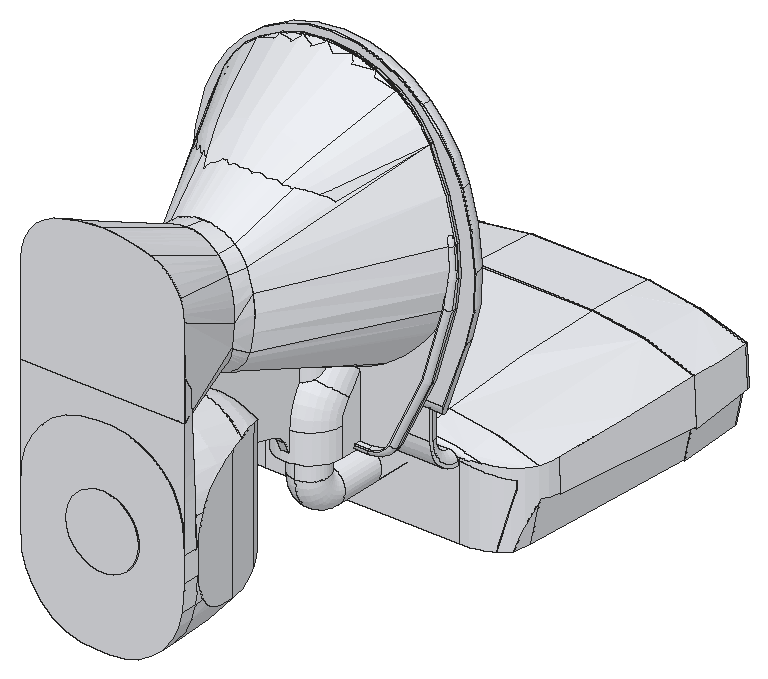
Revit family "WC-Caroma Slimline Concorde Connector Suite", category Plumbing Fixtures, host Face, Revit 2012
Parameters (values of type "Slimline Concorde")
  Waste Connection = yes
  Hardware = Metal-Chrome-Caroma
  Vent Connection = no
  URL = "www.caroma.com.au"
  Type Comments = "Concorde Slimline Cistern, Seat & Connector Plate Toilet Suite"  # constant formula
  PlumbingMaterial_ANZRS = Porcelain-White-Caroma
  Model = "233028"
  Manufacturer = "Caroma"  # constant formula
  HW Connection = no
  Description = "Concorde Slimline Plastic 4.5/3 litre Dual Flush Cistern, Seat and Connector Plate Toilet Suite"  # constant formula
  Default Elevation = 422.5 mm
  CreatedBy_ANZRS = "Design Content"  # constant formula
  CreatedByURL_ANZRS = "www.designcontent.com.au"
  CW Connection = yes
Reference planes
  plane 1 "Center (Elevation)": y = 0
  plane 2 "Back": z = 0
  plane 3 "Center (Left/Right)": x = 0
  plane 4 "Left": x = -225
  plane 5 "Right": x = 225
  plane 6 "Top": y = 422.5
  plane 7 "Bottom": y = -422.5
  plane 8 "Front": z = 625
  plane 9 "Center (Front/Back)": z = 312.5
  plane 10 "S Trap": z = 165
  plane 11 "Cistern": z = 143
  plane 12 "Seat": y = -22.5
  plane 13 "Inlet Depth": z = 22
Forms (mm)
  Extrusion 1, solid, material "Porcelain-White-Caroma" <- "PlumbingMaterial_ANZRS"
    sketch origin (0, 0, 0) x (1, 0, 0) y (0, 0, 1)
      loop
        circle (0, 165) r 50
    from 422.5 to 372.5
  Sweep 2, solid, material "Porcelain-White-Caroma" <- "PlumbingMaterial_ANZRS"
    path origin (0, 0, 0) x (0, 1, 0) y (0, 0, 1)
      loop
        line (-422.5, 17) -> (-400.611, 17)
        arc (-400.611, 17) -> (-340.33, 21.105) -> (-281.163, 33.343) r 444.69
        arc (-281.163, 33.343) -> (-186.398, 158.149) -> (-281.163, 282.956) r 129.568
        arc (-281.163, 282.956) -> (-340.33, 295.194) -> (-400.611, 299.299) r 444.69
        line (-400.611, 299.299) -> (-422.5, 299.299)
    profile origin (0, -422.5, 17) x (0, 0, 1) y (1, 0, 0)
      loop
        line (0, 9.47) -> (0, -9.47)
        arc (0, -9.47) -> (24.849, -76.141) -> (87.271, -110.285) r 101.865
        arc (87.271, -110.285) -> (105.524, -112.26) -> (123.872, -112.92) r 255.474
        line (123.872, -112.92) -> (125, -112.92) -> (125, 112.92) -> (123.872, 112.92)
        arc (123.872, 112.92) -> (105.524, 112.26) -> (87.271, 110.285) r 255.474
        arc (87.271, 110.285) -> (24.849, 76.141) -> (0, 9.47) r 101.865
  Extrusion 3, solid, material "Porcelain-White-Caroma" <- "PlumbingMaterial_ANZRS"
    sketch origin (0, 0, 0) x (0, 1, 0) y (0, 0, 1)
      loop
        arc (-400.611, 142) -> (-357.275, 144.951) -> (-314.739, 153.749) r 319.69
        arc (-314.739, 153.749) -> (-311.398, 158.149) -> (-314.739, 162.55) r 4.568
        arc (-314.739, 162.55) -> (-357.275, 171.348) -> (-400.611, 174.299) r 319.69
        line (-400.611, 174.299) -> (-422.5, 174.299) -> (-422.5, 142) -> (-400.611, 142)
    from 112.92 to -112.92
  Blend 4, solid, material "Porcelain-White-Caroma" <- "PlumbingMaterial_ANZRS"
    base sketch origin (0, 0, 0) x (1, 0, 0) y (0, 0, 1)
      loop
        line (-112.92, 461.34) -> (-112.92, 337.5) -> (-67.92, 337.5) -> (67.92, 337.5) -> (112.92, 337.5) -> (112.92, 461.34)
        arc (112.92, 461.34) -> (111.457, 475.577) -> (107.129, 489.219) r 70
        arc (107.129, 489.219) -> (90.814, 512.39) -> (66.65, 527.194) r 70
        arc (66.65, 527.194) -> (33.83, 535.904) -> (0, 538.837) r 196.606
        arc (0, 538.837) -> (-33.83, 535.904) -> (-66.65, 527.194) r 196.606
        arc (-66.65, 527.194) -> (-90.814, 512.39) -> (-107.129, 489.219) r 70
        arc (-107.129, 489.219) -> (-111.457, 475.577) -> (-112.92, 461.34) r 70
    top sketch origin (0, 0, 0) x (1, 0, 0) y (0, 0, 1)
      loop
        arc (-42.77, 456.954) -> (-50.086, 447.063) -> (-55.673, 436.102) r 74.418
        arc (-55.673, 436.102) -> (-63.444, 408.326) -> (-64.631, 379.509) r 124.805
        arc (-64.631, 379.509) -> (-63.36, 363.863) -> (-61.886, 348.236) r 1212.928
        arc (-61.886, 348.236) -> (-51.936, 321.81) -> (-30.185, 303.804) r 55
        arc (-30.185, 303.804) -> (0, 297.183) -> (30.185, 303.804) r 72.115
        arc (30.185, 303.804) -> (51.936, 321.81) -> (61.886, 348.236) r 55
        arc (61.886, 348.236) -> (63.36, 363.863) -> (64.631, 379.509) r 1212.928
        arc (64.631, 379.509) -> (63.444, 408.326) -> (55.673, 436.102) r 124.805
        arc (55.673, 436.102) -> (50.086, 447.063) -> (42.77, 456.954) r 74.418
        arc (42.77, 456.954) -> (23.479, 471.268) -> (0, 476.341) r 56.871
        arc (0, 476.341) -> (-23.479, 471.268) -> (-42.77, 456.954) r 56.871
    from 422.5 to 277.5
  Sweep 5, solid, material "Porcelain-White-Caroma" <- "PlumbingMaterial_ANZRS"
    path origin (0, 0, 0) x (1, 0, 0) y (0, 0, 1)
      loop
        arc (94.84, 571.251) -> (-0.02, 599.407) -> (-94.873, 571.229) r 173.806
        arc (-94.873, 571.229) -> (-121.036, 548.956) -> (-140.718, 520.792) r 134.806
        arc (-140.718, 520.792) -> (-163.365, 467.184) -> (-176.904, 410.585) r 353.301
        arc (-176.904, 410.585) -> (-179.44, 370.376) -> (-174.788, 330.357) r 225.733
        arc (-174.788, 330.357) -> (-145.009, 229.522) -> (-99.154, 134.909) r 641.269
        arc (-99.154, 134.909) -> (-83.753, 119.732) -> (-62.853, 114.186) r 42.156
        line (-62.853, 114.186) -> (62.853, 114.186)
        arc (62.853, 114.186) -> (83.753, 119.732) -> (99.154, 134.909) r 42.156
        arc (99.154, 134.909) -> (145.009, 229.522) -> (174.788, 330.357) r 641.269
        arc (174.788, 330.357) -> (179.44, 370.376) -> (176.904, 410.585) r 225.733
        arc (176.904, 410.585) -> (163.365, 467.184) -> (140.718, 520.792) r 353.301
        arc (140.718, 520.792) -> (121.023, 548.971) -> (94.84, 571.251) r 134.806
    profile origin (-0.02, 0, 599.407) x (0.000114, 0, -1) y (0, -1, 0)
      loop
        arc (0, 34.459) -> (2.038, 29.538) -> (6.959, 27.5) r 6.959
        line (6.959, 27.5) -> (8.959, 27.5) -> (8.959, 36.633) -> (0, 36.633) -> (0, 34.459)
  Extrusion 6, solid, material "Porcelain-White-Caroma" <- "PlumbingMaterial_ANZRS"
    sketch origin (0, 0, 0) x (1, 0, 0) y (0, 0, 1)
      loop
        arc (89.951, 563.743) -> (-0.019, 590.448) -> (-89.982, 563.723) r 164.846
        arc (-89.982, 563.723) -> (-114.406, 542.93) -> (-132.78, 516.638) r 125.846
        arc (-132.78, 516.638) -> (-154.853, 464.389) -> (-168.048, 409.225) r 344.341
        arc (-168.048, 409.225) -> (-170.484, 370.612) -> (-166.016, 332.181) r 216.774
        arc (-166.016, 332.181) -> (-136.654, 232.756) -> (-91.439, 139.464) r 632.31
        arc (-91.439, 139.464) -> (-79.311, 127.513) -> (-62.853, 123.146) r 33.197
        line (-62.853, 123.146) -> (62.853, 123.146)
        arc (62.853, 123.146) -> (79.311, 127.513) -> (91.439, 139.464) r 33.197
        arc (91.439, 139.464) -> (136.654, 232.756) -> (166.016, 332.181) r 632.31
        arc (166.016, 332.181) -> (170.484, 370.612) -> (168.048, 409.225) r 216.774
        arc (168.048, 409.225) -> (154.853, 464.389) -> (132.78, 516.638) r 344.341
        arc (132.78, 516.638) -> (114.394, 542.944) -> (89.951, 563.743) r 125.846
    from 36.633 to 27.5
  Sweep 7, solid, material "Porcelain-White-Caroma" <- "PlumbingMaterial_ANZRS"
    path origin (0, 0, 0) x (1, 0, 0) y (0, 0, 1)
      loop
        arc (-146.738, 437.686) -> (-166.664, 429.526) -> (-176.904, 410.585) r 31.988
        arc (-176.904, 410.585) -> (-179.44, 370.376) -> (-174.788, 330.357) r 225.733
        arc (-174.788, 330.357) -> (-145.009, 229.522) -> (-99.154, 134.909) r 641.269
        arc (-99.154, 134.909) -> (-83.753, 119.732) -> (-62.853, 114.186) r 42.156
        line (-62.853, 114.186) -> (62.853, 114.186)
        arc (62.853, 114.186) -> (83.753, 119.732) -> (99.154, 134.909) r 42.156
        arc (99.154, 134.909) -> (145.009, 229.522) -> (174.788, 330.357) r 641.269
        arc (174.788, 330.357) -> (179.44, 370.376) -> (176.904, 410.585) r 225.733
        arc (176.904, 410.585) -> (166.664, 429.526) -> (146.738, 437.686) r 31.988
    profile origin (179.44, 0, 370.376) x (-0.999652, 0, 0.026369) y (0, -1, 0)
      loop
        line (0, 38.807) -> (0, 36.633) -> (8.959, 36.633) -> (8.959, 45.766) -> (6.959, 45.766)
        arc (6.959, 45.766) -> (2.038, 43.728) -> (0, 38.807) r 6.959
  Sweep 8, solid, material "Porcelain-White-Caroma" <- "PlumbingMaterial_ANZRS"
    path origin (0, 0, 0) x (0, 1, 0) y (0, 0, 1)
      loop
        line (148.225, 54) -> (-37.5, 54)
        arc (-37.5, 54) -> (-58.713, 62.787) -> (-67.5, 84) r 30
        line (-67.5, 84) -> (-67.5, 326.921)
    profile origin (0, 55.362, 54) x (0, 0, -1) y (1, 0, 0)
      loop
        circle (0, 0) r 25
      loop
        circle (0, 0) r 22
  Sweep 9, solid, material "Porcelain-White-Caroma" <- "PlumbingMaterial_ANZRS"
    path origin (0, 0, 0) x (0, 1, 0) y (0, 0, 1)
      loop
        line (-109.5, 114.186) -> (-109.5, 153.872)
        arc (-109.5, 153.872) -> (-103.8, 185.39) -> (-87.424, 212.917) r 90
        line (-87.424, 212.917) -> (-66.558, 236.921)
    profile origin (0, -109.5, 134.029) x (0, -1, 0) y (1, 0, 0)
      loop
        line (-74, -44) -> (-44, -44)
        arc (-44, -44) -> (0, 0) -> (-44, 44) r 44
        line (-44, 44) -> (-74, 44) -> (-74, 41) -> (-44, 41)
        arc (-44, 41) -> (-3, 0) -> (-44, -41) r 41
        line (-44, -41) -> (-74, -41) -> (-74, -44)
  Extrusion 10, solid, material "Porcelain-White-Caroma" <- "PlumbingMaterial_ANZRS"
    sketch origin (0, 0, 0) x (0, 1, 0) y (0, 0, 1)
      loop
        line (-108.972, 126.236) -> (-45.766, 126.236) -> (-45.766, 273.766) -> (-105.571, 273.766) -> (-145.222, 324.517) -> (-223.57, 349.974) -> (-363.57, 349.974) -> (-363.57, 269.395) -> (-313.336, 254.991) -> (-225.297, 208.18) -> (-205.89, 124.119)
        arc (-205.89, 124.119) -> (-195.196, 136.241) -> (-188.718, 151.051) r 52.262
        arc (-188.718, 151.051) -> (-180.826, 161.859) -> (-167.691, 164.423) r 18.331
        arc (-167.691, 164.423) -> (-150.177, 160.564) -> (-132.986, 155.457) r 249.486
        arc (-132.986, 155.457) -> (-123.462, 150.024) -> (-116.696, 141.395) r 28.48
        line (-116.696, 141.395) -> (-108.972, 126.236)
    from 5.5 to -5.511
  Extrusion 11, void
    sketch origin (0, 0, 0) x (1, 0, 0) y (0, 1, 0)
      loop
        arc (-91.523, -313.273) -> (-81.733, -280.612) -> (-68.927, -249.011) r 363.737
        arc (-68.927, -249.011) -> (-40.697, -209.147) -> (0, -182.131) r 133.284
        arc (0, -182.131) -> (40.697, -209.147) -> (68.927, -249.011) r 133.284
        arc (68.927, -249.011) -> (81.733, -280.612) -> (91.523, -313.273) r 363.737
        line (91.523, -313.273) -> (122.461, -437.357) -> (182.461, -437.357) -> (182.461, -157.357) -> (-182.461, -157.357) -> (-182.461, -437.357) -> (-122.461, -437.357) -> (-91.523, -313.273)
    from 410.585 to 0
  Blend 12, solid, material "Porcelain-White-Caroma" <- "PlumbingMaterial_ANZRS"
    base sketch origin (0, 0, 0) x (1, 0, 0) y (0, 0, 1)
      loop
        arc (10.402, 291.906) -> (43.313, 302.839) -> (63.139, 331.292) r 55
        arc (63.139, 331.292) -> (69.585, 368.158) -> (67.474, 405.523) r 163.407
        arc (67.474, 405.523) -> (64.248, 420.15) -> (59.697, 434.42) r 163.407
        arc (59.697, 434.42) -> (53.067, 446.91) -> (43.378, 457.21) r 53.154
        arc (43.378, 457.21) -> (0, 472.617) -> (-43.378, 457.21) r 68.769
        arc (-43.378, 457.21) -> (-53.067, 446.91) -> (-59.697, 434.42) r 53.154
        arc (-59.697, 434.42) -> (-64.248, 420.15) -> (-67.474, 405.523) r 163.407
        arc (-67.474, 405.523) -> (-69.585, 368.158) -> (-63.139, 331.292) r 163.407
        arc (-63.139, 331.292) -> (-43.313, 302.839) -> (-10.402, 291.906) r 55
        line (-10.402, 291.906) -> (10.402, 291.906)
    top sketch origin (0, 0, 0) x (1, 0, 0) y (0, 0, 1)
      loop
        arc (94.84, 571.251) -> (-0.02, 599.407) -> (-94.873, 571.229) r 173.806
        arc (-94.873, 571.229) -> (-121.036, 548.956) -> (-140.718, 520.792) r 134.806
        arc (-140.718, 520.792) -> (-163.365, 467.184) -> (-176.904, 410.585) r 353.301
        arc (-176.904, 410.585) -> (-177.093, 367.207) -> (-164.624, 325.66) r 147.107
        arc (-164.624, 325.66) -> (-128.029, 270.751) -> (-76.983, 228.935) r 223.291
        arc (-76.983, 228.935) -> (-52.654, 218.547) -> (-26.439, 215) r 98.632
        line (-26.439, 215) -> (26.439, 215)
        arc (26.439, 215) -> (52.654, 218.547) -> (76.983, 228.935) r 98.632
        arc (76.983, 228.935) -> (128.029, 270.751) -> (164.624, 325.66) r 223.291
        arc (164.624, 325.66) -> (177.093, 367.207) -> (176.904, 410.585) r 147.107
        arc (176.904, 410.585) -> (163.365, 467.184) -> (140.718, 520.792) r 353.301
        arc (140.718, 520.792) -> (121.023, 548.971) -> (94.84, 571.251) r 134.806
    from 249.117 to 36.633
  Sweep 13, solid, material "Porcelain-White-Caroma" <- "PlumbingMaterial_ANZRS"
    path origin (0, 0, 0) x (1, 0, 0) y (0, 0, 1)
      loop
        arc (137.122, 330.326) -> (163.29, 425.099) -> (140.718, 520.792) r 198.299
        arc (140.718, 520.792) -> (121.023, 548.971) -> (94.84, 571.251) r 134.806
        arc (94.84, 571.251) -> (-0.02, 599.407) -> (-94.873, 571.229) r 173.806
        arc (-94.873, 571.229) -> (-121.036, 548.956) -> (-140.718, 520.792) r 134.806
        arc (-140.718, 520.792) -> (-163.29, 425.099) -> (-137.122, 330.326) r 198.299
    profile origin (-0.02, 0, 599.407) x (0.000114, 0, -1) y (0, -1, 0)
      loop
        line (130, 36.633) -> (130, 237.063)
        arc (130, 237.063) -> (54.857, 143.427) -> (0, 36.633) r 596.126
        line (0, 36.633) -> (130, 36.633)
  Blend 14, solid, material "Porcelain-White-Caroma" <- "PlumbingMaterial_ANZRS"
    base sketch origin (0, 0, 0) x (1, 0, 0) y (0, 0, 1)
      loop
        arc (0, 476.341) -> (-23.479, 471.268) -> (-42.77, 456.954) r 56.871
        arc (-42.77, 456.954) -> (-50.086, 447.063) -> (-55.673, 436.102) r 74.418
        arc (-55.673, 436.102) -> (-63.444, 408.326) -> (-64.631, 379.509) r 124.805
        arc (-64.631, 379.509) -> (-63.36, 363.863) -> (-61.886, 348.236) r 1212.928
        arc (-61.886, 348.236) -> (-51.936, 321.81) -> (-30.185, 303.804) r 55
        arc (-30.185, 303.804) -> (0, 297.183) -> (30.185, 303.804) r 72.115
        arc (30.185, 303.804) -> (51.936, 321.81) -> (61.886, 348.236) r 55
        arc (61.886, 348.236) -> (63.36, 363.863) -> (64.631, 379.509) r 1212.928
        arc (64.631, 379.509) -> (63.444, 408.326) -> (55.673, 436.102) r 124.805
        arc (55.673, 436.102) -> (50.086, 447.063) -> (42.77, 456.954) r 74.418
        arc (42.77, 456.954) -> (23.479, 471.268) -> (0, 476.341) r 56.871
    top sketch origin (0, 0, 0) x (1, 0, 0) y (0, 0, 1)
      loop
        arc (10.402, 291.906) -> (43.313, 302.839) -> (63.139, 331.292) r 55
        arc (63.139, 331.292) -> (69.585, 368.158) -> (67.474, 405.523) r 163.407
        arc (67.474, 405.523) -> (64.248, 420.15) -> (59.697, 434.42) r 163.407
        arc (59.697, 434.42) -> (53.067, 446.91) -> (43.378, 457.21) r 53.154
        arc (43.378, 457.21) -> (23.016, 468.651) -> (0, 472.617) r 68.769
        arc (0, 472.617) -> (-23.016, 468.651) -> (-43.378, 457.21) r 68.769
        arc (-43.378, 457.21) -> (-53.067, 446.91) -> (-59.697, 434.42) r 53.154
        arc (-59.697, 434.42) -> (-64.248, 420.15) -> (-67.474, 405.523) r 163.407
        arc (-67.474, 405.523) -> (-69.585, 368.158) -> (-63.139, 331.292) r 163.407
        arc (-63.139, 331.292) -> (-43.313, 302.839) -> (-10.402, 291.906) r 55
        line (-10.402, 291.906) -> (10.402, 291.906)
    from 277.5 to 249.117
  Extrusion 15, solid, material "Porcelain-White-Caroma" <- "PlumbingMaterial_ANZRS"
    sketch origin (0, 0, 0) x (1, 0, 0) y (0, 1, 0)
      loop
        arc (-13.11, -311.01) -> (-47.723, -335.975) -> (-71.641, -371.319) r 122.216
        arc (-71.641, -371.319) -> (-78.838, -381.141) -> (-89.449, -387.116) r 28.823
        arc (-89.449, -387.116) -> (-98.758, -393.168) -> (-103.5, -403.208) r 20.334
        line (-103.5, -403.208) -> (103.5, -403.208)
        arc (103.5, -403.208) -> (98.758, -393.168) -> (89.449, -387.116) r 20.334
        arc (89.449, -387.116) -> (78.838, -381.141) -> (71.641, -371.319) r 28.823
        arc (71.641, -371.319) -> (47.723, -335.975) -> (13.11, -311.01) r 122.216
        arc (13.11, -311.01) -> (6.724, -308.772) -> (0, -308.014) r 30.18
        arc (0, -308.014) -> (-6.724, -308.772) -> (-13.11, -311.01) r 30.18
    from 353.733 to 158.092
  Blend 16, solid, material "Porcelain-White-Caroma" <- "PlumbingMaterial_ANZRS"
    base sketch origin (0, 0, 0) x (1, 0, 0) y (0, 0, 1)
      loop
        line (112.92, 425.247) -> (-112.92, 425.247) -> (-112.92, 174.295) -> (112.92, 174.295) -> (112.92, 425.247)
    top sketch origin (0, 0, 0) x (1, 0, 0) y (0, 0, 1)
      loop
        line (112.92, 174.295) -> (104.157, 425.247) -> (-104.157, 425.247) -> (-112.92, 174.295) -> (112.92, 174.295)
    from 422.5 to 403.208
  Sweep 17, solid, material "Porcelain-White-Caroma" <- "PlumbingMaterial_ANZRS"
    path origin (0, 0, 0) x (1, 0, 0) y (0, 0, 1)
      loop
        line (193.6, -59.911) -> (215.918, 45.089) -> (223.056, 45.089) -> (220.835, 108.696)
        arc (220.835, 108.696) -> (152.339, 130.983) -> (81, 140.942) r 410.152
        arc (81, 140.942) -> (0, 143) -> (-81, 140.942) r 1595.406
        arc (-81, 140.942) -> (-152.339, 130.983) -> (-220.835, 108.696) r 410.152
        line (-220.835, 108.696) -> (-223.056, 45.089) -> (-215.918, 45.089) -> (-193.6, -59.911)
    profile origin (0, 0, 143) x (0, 0, -1) y (0, -1, 0)
      loop
        line (31.239, -416.725) -> (31.239, -24.453) -> (28.052, -24.453)
        arc (28.052, -24.453) -> (23.877, -25.913) -> (21.523, -29.657) r 6.698
        arc (21.523, -29.657) -> (17.226, -51.055) -> (14.081, -72.653) r 407.875
        arc (14.081, -72.653) -> (3.596, -195.314) -> (1.125, -318.398) r 1888.433
        line (1.125, -318.398) -> (-0.451, -318.398)
        arc (-0.451, -318.398) -> (1.202, -365.533) -> (4.903, -412.551) r 1084.732
        arc (4.903, -412.551) -> (6.406, -415.527) -> (9.517, -416.725) r 4.638
        line (9.517, -416.725) -> (31.239, -416.725)
  Extrusion 18, solid, material "Porcelain-White-Caroma" <- "PlumbingMaterial_ANZRS"
    sketch origin (0, 0, 0) x (1, 0, 0) y (0, 0, 1)
      loop
        line (163.044, -53.416) -> (190.695, 76.675) -> (190.329, 87.178)
        arc (190.329, 87.178) -> (135.718, 102.626) -> (79.414, 109.744) r 378.913
        arc (79.414, 109.744) -> (0, 111.761) -> (-79.414, 109.744) r 1564.167
        arc (-79.414, 109.744) -> (-135.718, 102.626) -> (-190.329, 87.178) r 378.913
        line (-190.329, 87.178) -> (-190.695, 76.675) -> (-163.044, -53.416) -> (163.044, -53.416)
    from -24.453 to -416.725
  Extrusion 19, void
    sketch origin (0, 0, 0) x (1, 0, 0) y (0, 1, 0)
      loop
        line (-209.373, 100.341) -> (-261.822, 100.341) -> (-261.822, 0) -> (-133.485, 0) -> (-133.485, 24.453)
        arc (-133.485, 24.453) -> (-187.146, 46.68) -> (-209.373, 100.341) r 75.888
      loop
        arc (209.373, 100.341) -> (187.146, 46.68) -> (133.485, 24.453) r 75.888
        line (133.485, 24.453) -> (133.485, 0) -> (261.822, 0) -> (261.822, 100.341) -> (209.373, 100.341)
    from 200 to -67.881
  Extrusion 20, void
    sketch origin (0, 0, 0) x (0, 1, 0) y (0, 0, 1)
      loop
        line (467.684, 0) -> (-122.316, 0) -> (-122.316, -105) -> (467.684, -105) -> (467.684, 0)
    from 250 to -250
  Sweep 21, solid, material "Porcelain-White-Caroma" <- "PlumbingMaterial_ANZRS"
    path origin (0, 0, 0) x (0, 1, 0) y (0, 0, 1)
      loop
        line (-5.5, 197.099) -> (-5.5, 144.985)
        arc (-5.5, 144.985) -> (4.22, 121.519) -> (27.686, 111.799) r 33.186
        line (27.686, 111.799) -> (49.5, 111.799)
    profile origin (0, -5.5, 171.042) x (1, 0, 0) y (0, 1, 0)
      loop
        line (0, 0) -> (-118, 0)
        arc (-118, 0) -> (-126.485, -3.515) -> (-130, -12) r 12
        line (-130, -12) -> (-130, -17) -> (0, -17) -> (130, -17) -> (130, -12)
        arc (130, -12) -> (126.485, -3.515) -> (118, 0) r 12
        line (118, 0) -> (0, 0)
  Sweep 22, solid, material "Porcelain-White-Caroma" <- "PlumbingMaterial_ANZRS"
    path origin (0, 0, 0) x (1, 0, 0) y (0, 0, 1)
      loop
        line (132.179, 143.187) -> (181.743, 284.762)
        arc (181.743, 284.762) -> (192.728, 329.836) -> (194.754, 376.186) r 237.817
        arc (194.754, 376.186) -> (188.699, 425.526) -> (176.003, 473.587) r 365.399
        arc (176.003, 473.587) -> (154.057, 519.14) -> (121.707, 558.001) r 206.683
        arc (121.707, 558.001) -> (0, 606.186) -> (-121.707, 558.001) r 177.798
        arc (-121.707, 558.001) -> (-154.057, 519.14) -> (-176.003, 473.587) r 206.683
        arc (-176.003, 473.587) -> (-188.699, 425.526) -> (-194.754, 376.186) r 365.399
        arc (-194.754, 376.186) -> (-192.728, 329.836) -> (-181.743, 284.762) r 237.817
        line (-181.743, 284.762) -> (-132.113, 143)
    profile origin (0, 0, 606.186) x (0, 0, -1) y (0, -1, 0)
      loop
        line (0, 26.5) -> (0, 24.5)
        arc (0, 24.5) -> (8.787, 3.287) -> (30, -5.5) r 30
        line (30, -5.5) -> (42.02, -5.5) -> (42.02, 26.5) -> (0, 26.5)
  Extrusion 23, solid, material "Porcelain-White-Caroma" <- "PlumbingMaterial_ANZRS"
    sketch origin (0, 0, 0) x (1, 0, 0) y (0, 0, 1)
      loop
        arc (142.083, 298.646) -> (151.128, 335.757) -> (152.795, 373.917) r 195.798
        arc (152.795, 373.917) -> (147.437, 417.583) -> (136.201, 460.117) r 323.379
        arc (136.201, 460.117) -> (118.717, 496.409) -> (92.944, 527.369) r 164.664
        arc (92.944, 527.369) -> (0, 564.167) -> (-92.944, 527.369) r 135.779
        arc (-92.944, 527.369) -> (-118.717, 496.409) -> (-136.201, 460.117) r 164.664
        arc (-136.201, 460.117) -> (-147.437, 417.583) -> (-152.795, 373.917) r 323.379
        arc (-152.795, 373.917) -> (-151.128, 335.757) -> (-142.083, 298.646) r 195.798
        line (-142.083, 298.646) -> (-100.547, 180) -> (100.547, 180) -> (142.083, 298.646)
    from 26.5 to -5.5
  Extrusion 24, void
    sketch origin (0, 0, 0) x (0, 1, 0) y (0, 0, 1)
      loop
        line (-26.5, 197.534) -> (-33.633, 197.534) -> (-33.633, 132.534) -> (14.85, 132.534) -> (14.85, 197.534) -> (5.5, 197.534)
        arc (5.5, 197.534) -> (-10.5, 181.534) -> (-26.5, 197.534) r 16
    from 225 to -225
  Extrusion 25, void
    sketch origin (0, 0, 0) x (1, 0, 0) y (0, 0, 1)
      loop
        line (-38.5, 58.635) -> (38.5, 58.635)
        arc (38.5, 58.635) -> (49.107, 63.028) -> (53.5, 73.635) r 15
        line (53.5, 73.635) -> (53.5, 78.716)
        arc (53.5, 78.716) -> (49.107, 89.323) -> (38.5, 93.716) r 15
        line (38.5, 93.716) -> (-38.5, 93.716)
        arc (-38.5, 93.716) -> (-49.107, 89.323) -> (-53.5, 78.716) r 15
        line (-53.5, 78.716) -> (-53.5, 73.635)
        arc (-53.5, 73.635) -> (-49.107, 63.028) -> (-38.5, 58.635) r 15
    from -412.5 to -422.5
  Extrusion 26, solid, material "Porcelain-White-Caroma" <- "PlumbingMaterial_ANZRS"
    sketch origin (0, 0, 0) x (1, 0, 0) y (0, 0, 1)
      loop
        line (-38.5, 61.135) -> (-7.118, 61.135)
        arc (-7.118, 61.135) -> (-6.274, 61.598) -> (-6.211, 62.558) r 1
        line (-6.211, 62.558) -> (-19.036, 90.061)
        arc (-19.036, 90.061) -> (-19.775, 90.903) -> (-20.849, 91.216) r 2
        line (-20.849, 91.216) -> (-38.5, 91.216)
        arc (-38.5, 91.216) -> (-47.339, 87.555) -> (-51, 78.716) r 12.5
        line (-51, 78.716) -> (-51, 73.635)
        arc (-51, 73.635) -> (-47.339, 64.796) -> (-38.5, 61.135) r 12.5
      loop
        line (51, 73.635) -> (51, 78.716)
        arc (51, 78.716) -> (47.339, 87.555) -> (38.5, 91.216) r 12.5
        line (38.5, 91.216) -> (-15.137, 91.216)
        arc (-15.137, 91.216) -> (-15.98, 90.753) -> (-16.043, 89.793) r 1
        line (-16.043, 89.793) -> (-3.218, 62.29)
        arc (-3.218, 62.29) -> (-2.48, 61.448) -> (-1.405, 61.135) r 2
        line (-1.405, 61.135) -> (38.5, 61.135)
        arc (38.5, 61.135) -> (47.339, 64.796) -> (51, 73.635) r 12.5
    from -412.5 to -416.725
  Extrusion 27, solid, material "Porcelain-White-Caroma" <- "PlumbingMaterial_ANZRS"
    sketch origin (0, 0, 0) x (1, 0, 0) y (0, 0, 1)
      loop
        circle (-110, 50) r 10
    from -24.453 to -34.453
Cuts and joins
  Extrusion 11 cuts Sweep 2
  Extrusion 11 cuts Extrusion 3
  joined: Sweep 2, Extrusion 3
  Extrusion 19, Extrusion 20 cuts Sweep 17
  Extrusion 19, Extrusion 20, Extrusion 25 cuts Extrusion 18
  Extrusion 24 cuts Sweep 22
  Extrusion 24 cuts Extrusion 23
  joined: Sweep 22, Extrusion 23
  joined: Sweep 5, Sweep 7
Lines and regions (mm)
  Masking region 1
    outline origin (0, 0, 0) x (1, 0, 0) y (0, 1, 0)
      loop
        line (-110, -422.5) -> (110, -422.5)
        arc (110, -422.5) -> (92.369, -334.896) -> (63.417, -250.354) r 680.934
        arc (63.417, -250.354) -> (124.731, -151.141) -> (170.941, -44.057) r 798.68
        arc (170.941, -44.057) -> (173.676, -33.431) -> (174.629, -22.5) r 66.626
        line (174.629, -22.5) -> (190.065, -22.5) -> (190.065, -12.5)
        arc (190.065, -12.5) -> (186.933, -4.184) -> (179.092, 0) r 12.606
        line (179.092, 0) -> (129.901, 0) -> (140.525, 25.03)
        arc (140.525, 25.03) -> (187.406, 44.931) -> (208.391, 91.336) r 70
        line (208.391, 91.336) -> (220, 312.841) -> (225, 312.841) -> (225, 332.978)
        arc (225, 332.978) -> (211.799, 372.741) -> (177.438, 396.714) r 66.486
        arc (177.438, 396.714) -> (89.651, 416.02) -> (0, 422.5) r 623.38
        arc (0, 422.5) -> (-89.651, 416.02) -> (-177.438, 396.714) r 623.38
        arc (-177.438, 396.714) -> (-211.799, 372.741) -> (-225, 332.978) r 66.486
        line (-225, 332.978) -> (-225, 312.841) -> (-220, 312.841) -> (-208.391, 91.336)
        arc (-208.391, 91.336) -> (-187.406, 44.931) -> (-140.525, 25.03) r 70
        line (-140.525, 25.03) -> (-129.901, 0) -> (-179.092, 0)
        arc (-179.092, 0) -> (-186.933, -4.184) -> (-190.065, -12.5) r 12.606
        line (-190.065, -12.5) -> (-190.065, -22.5) -> (-174.629, -22.5)
        arc (-174.629, -22.5) -> (-173.676, -33.431) -> (-170.941, -44.057) r 66.626
        arc (-170.941, -44.057) -> (-124.731, -151.141) -> (-63.417, -250.354) r 798.68
        arc (-63.417, -250.354) -> (-92.369, -334.896) -> (-110, -422.5) r 680.934
  Masking region 2
    outline origin (0, 0, 0) x (0, 1, 0) y (0, 0, 1)
      loop
        line (-422.5, 560) -> (-422.5, 47.025)
        arc (-422.5, 47.025) -> (-350.034, 50.012) -> (-279.212, 65.646) r 412.482
        arc (-279.212, 65.646) -> (-231.836, 92.89) -> (-200.273, 137.504) r 127.15
        arc (-200.273, 137.504) -> (-194.676, 157.571) -> (-194.307, 178.401) r 82.152
        arc (-194.307, 178.401) -> (-191.533, 187.932) -> (-182.831, 192.709) r 12.97
        arc (-182.831, 192.709) -> (-171.991, 193.138) -> (-161.196, 192.054) r 77.717
        arc (-161.196, 192.054) -> (-143.397, 186.747) -> (-127.365, 177.367) r 77.717
        arc (-127.365, 177.367) -> (-119.947, 168.79) -> (-116.641, 157.943) r 27.379
        line (-116.641, 157.943) -> (-115.333, 143) -> (-112.055, 143) -> (-112.055, 89.032)
        arc (-112.055, 89.032) -> (-97.41, 53.677) -> (-62.055, 39.032) r 50
        line (-62.055, 39.032) -> (-14.036, 39.032) -> (-14.036, 31.61) -> (-9.385, 31.61) -> (-9.385, 16.61) -> (14.31, 16.61) -> (14.31, 0) -> (399.31, 0)
        arc (399.31, 0) -> (402.77, 22.244) -> (404.794, 44.665) r 349.927
        arc (404.794, 44.665) -> (409.923, 47.67) -> (411.944, 53.26) r 8.741
        line (411.944, 53.26) -> (411.944, 108.26)
        arc (411.944, 108.26) -> (382.524, 135.222) -> (343.832, 144.989) r 81.519
        line (343.832, 144.989) -> (318.832, 144.989) -> (303.652, 144.989) -> (303.652, 142.23) -> (248.652, 142.23)
        arc (248.652, 142.23) -> (125.353, 135.272) -> (3.62, 114.486) r 1095.906
        arc (3.62, 114.486) -> (-9.367, 125.892) -> (-14.2, 142.487) r 30.91
        line (-14.2, 142.487) -> (-14.2, 179.214) -> (-11.321, 179.214) -> (-11.321, 226.208)
        arc (-11.321, 226.208) -> (-5.313, 235.083) -> (-3.403, 245.628) r 25.951
        line (-3.403, 245.628) -> (-14.266, 622.732)
        arc (-14.266, 622.732) -> (-22.98, 632.485) -> (-35.333, 636.782) r 26.088
        line (-35.333, 636.782) -> (-35.333, 618.005) -> (-50.962, 618.005)
        arc (-50.962, 618.005) -> (-144.14, 570.958) -> (-225.629, 505.727) r 504.007
        arc (-225.629, 505.727) -> (-247.346, 494.71) -> (-271.427, 498.328) r 40
        arc (-271.427, 498.328) -> (-345.871, 531.841) -> (-422.5, 560) r 1152.527
      loop
        line (-35.333, 143) -> (-62.055, 143) -> (-62.055, 94.032)
        arc (-62.055, 94.032) -> (-60.591, 90.497) -> (-57.055, 89.032) r 5
        line (-57.055, 89.032) -> (-14.036, 89.032) -> (-14.036, 96.454) -> (-9.385, 96.454) -> (-9.385, 111.454)
        arc (-9.385, 111.454) -> (-23.129, 124.342) -> (-28.2, 142.487) r 35
        line (-28.2, 142.487) -> (-28.2, 179.214) -> (-35.333, 179.214) -> (-35.333, 143)
  Masking region 3
    outline origin (0, 0, 0) x (1, 0, 0) y (0, 0, 1)
      loop
        arc (209.834, 114.44) -> (157.088, 127.124) -> (103.592, 136.136) r 785.107
        line (103.592, 136.136) -> (103.592, 186.136) -> (61.394, 186.136)
        arc (61.394, 186.136) -> (79.167, 190.599) -> (92.724, 202.929) r 37.623
        arc (92.724, 202.929) -> (122.667, 252.608) -> (148.094, 304.743) r 654.662
        arc (148.094, 304.743) -> (168.298, 372.69) -> (171.711, 443.494) r 295.011
        arc (171.711, 443.494) -> (160.668, 501.62) -> (136.613, 555.676) r 256.759
        arc (136.613, 555.676) -> (118.229, 579.565) -> (94.627, 598.318) r 124.113
        arc (94.627, 598.318) -> (49.159, 618.202) -> (0, 625) r 181.138
        arc (0, 625) -> (-49.159, 618.202) -> (-94.627, 598.318) r 181.138
        arc (-94.627, 598.318) -> (-118.229, 579.565) -> (-136.613, 555.676) r 124.113
        arc (-136.613, 555.676) -> (-160.668, 501.62) -> (-171.711, 443.494) r 256.759
        arc (-171.711, 443.494) -> (-168.298, 372.69) -> (-148.094, 304.743) r 295.011
        arc (-148.094, 304.743) -> (-122.667, 252.608) -> (-92.724, 202.929) r 654.662
        arc (-92.724, 202.929) -> (-79.167, 190.599) -> (-61.394, 186.136) r 37.623
        line (-61.394, 186.136) -> (-103.592, 186.136) -> (-103.592, 136.136)
        arc (-103.592, 136.136) -> (-157.088, 127.124) -> (-209.834, 114.44) r 785.107
        arc (-209.834, 114.44) -> (-215.747, 110.544) -> (-218.27, 103.928) r 11.535
        line (-218.27, 103.928) -> (-220.986, 52.106) -> (-212.458, 47.842) -> (-203.972, 7.921)
        arc (-203.972, 7.921) -> (-200.484, 2.229) -> (-194.191, 0) r 10
        line (-194.191, 0) -> (0, 0) -> (194.191, 0)
        arc (194.191, 0) -> (200.484, 2.229) -> (203.972, 7.921) r 10
        line (203.972, 7.921) -> (212.458, 47.842) -> (220.986, 52.106) -> (218.27, 103.928)
        arc (218.27, 103.928) -> (215.747, 110.544) -> (209.834, 114.44) r 11.535
  symbolic lines
    curve 1: arc (-62.683, -283.366, 0) -> (-79.595, -343.116, 0) -> (-106.456, -399.104, 0) r 362.555
    curve 2: arc (-170.941, -44.057, 0) -> (-128.258, -144.293, 0) -> (-72.332, -237.788, 0) r 798.68
    curve 3: arc (-72.332, -237.788, 0) -> (-62.903, -259.602, 0) -> (-62.683, -283.366, 0) r 60
    curve 4: arc (62.683, -283.366, 0) -> (79.595, -343.116, 0) -> (106.456, -399.104, 0) r 362.555
    curve 5: arc (170.941, -44.057, 0) -> (128.258, -144.293, 0) -> (72.332, -237.788, 0) r 798.68
    curve 6: arc (72.332, -237.788, 0) -> (62.903, -259.602, 0) -> (62.683, -283.366, 0) r 60
    curve 7: arc (-208.391, 91.336, 0) -> (-187.406, 44.931, 0) -> (-140.525, 25.03, 0) r 70
    curve 8: line (-140.525, 25.03, 0) -> (140.525, 25.03, 0)
    curve 9: line (-129.901, 0, 0) -> (129.901, 0, 0)
    curve 10: line (-190.065, -12.5, 0) -> (190.065, -12.5, 0)
    curve 11: line (-174.629, -22.5, 0) -> (174.629, -22.5, 0)
    curve 12: line (-220, 312.841, 0) -> (220, 312.841, 0)
    curve 13: arc (0, -309.374, 327.904) -> (0, -260.037, 318.566) -> (0, -213.248, 300.34) r 272.68
    curve 14: arc (0, -213.248, 300.34) -> (0, -163.429, 275.893) -> (0, -113.251, 252.191) r 3719.573
    curve 15: arc (0, -113.251, 252.191) -> (0, -102.475, 251.748) -> (0, -94.541, 259.054) r 14.092
    curve 16: arc (0, -310.176, 319.477) -> (0, -313.988, 324.091) -> (0, -309.374, 327.904) r 4.232
    curve 17: arc (0, -194.307, 178.401) -> (0, -222.902, 273.036) -> (0, -310.176, 319.477) r 128.71
    curve 18: line (0, -116.641, 157.943) -> (0, -116.641, 206.581)
    curve 19: arc (0, -116.641, 206.581) -> (0, -115.604, 213.646) -> (0, -112.58, 220.114) r 24.582
    curve 20: line (0, 303.652, 142.23) -> (0, 303.652, 0)
    curve 21: line (0, 404.794, 44.665) -> (0, 19.794, 44.665)
    curve 22: line (0, 14.31, 0) -> (0, 14.31, 116.882)
    curve 23: line (0, -9.385, 31.61) -> (0, 14.31, 31.61)
    curve 24: line (0, -9.385, 96.454) -> (0, 14.31, 96.454)
    curve 25: arc (0, -9.385, 111.454) -> (0, 2.845, 106.496) -> (0, 12.965, 98.025) r 42.496
    curve 26: line (0, -62.055, 143) -> (0, -112.055, 143)
    curve 27: line (0, -14.036, 89.032) -> (0, -14.036, 39.032)
    curve 28: line (0, -11.321, 179.214) -> (0, -35.333, 179.214)
    curve 29: arc (0, -11.321, 226.208) -> (0, -5.313, 235.083) -> (0, -3.403, 245.628) r 25.951
    curve 30: arc (0, -21.491, 225.214) -> (0, -16.233, 223.94) -> (0, -11.321, 226.208) r 8.226
    curve 31: arc (0, -35.333, 231.626) -> (0, -28.189, 228.901) -> (0, -21.491, 225.214) r 55.096
    curve 32: line (0, -14.304, 233.369) -> (0, -18.974, 623.399)
    curve 33: line (0, -35.333, 143) -> (0, -35.333, 636.782)
    curve 34: arc (0, -35.333, 412.5) -> (0, -27.939, 331.353) -> (0, -35.333, 250.206) r 448.963
    curve 35: arc (209.834, 0, 114.44) -> (54.218, 0, 141.126) -> (-103.592, 0, 136.136) r 785.107
    curve 36: line (61.394, 0, 186.136) -> (-61.394, 0, 186.136)
    curve 37: arc (93.368, 0, 564.3) -> (49.98, 0, 590.771) -> (0, 0, 600) r 139.945
    curve 38: arc (142.029, 0, 461.319) -> (128.108, 0, 517.728) -> (93.368, 0, 564.3) r 146.606
    curve 39: arc (114.115, 0, 358.715) -> (136.039, 0, 407.85) -> (142.029, 0, 461.319) r 175.32
    curve 40: arc (59.418, 0, 319.107) -> (90.476, 0, 333.789) -> (114.115, 0, 358.715) r 93.299
    curve 41: arc (2.458, 0, 309.3) -> (31.149, 0, 312.979) -> (59.418, 0, 319.107) r 336.794
    curve 42: arc (-93.368, 0, 564.3) -> (-49.98, 0, 590.771) -> (0, 0, 600) r 139.945
    curve 43: arc (-142.029, 0, 461.319) -> (-128.108, 0, 517.728) -> (-93.368, 0, 564.3) r 146.606
    curve 44: arc (-114.115, 0, 358.715) -> (-136.039, 0, 407.85) -> (-142.029, 0, 461.319) r 175.32
    curve 45: arc (-59.418, 0, 319.107) -> (-90.476, 0, 333.789) -> (-114.115, 0, 358.715) r 93.299
    curve 46: arc (-2.458, 0, 309.3) -> (-31.149, 0, 312.979) -> (-59.418, 0, 319.107) r 336.794
    curve 47: line (57.909, 0, 443.967) -> (57.909, 0, 413.967)
    curve 48: line (-57.909, 0, 443.967) -> (-57.909, 0, 413.967)
    curve 49: arc (57.909, 0, 443.967) -> (0, 0, 501.876) -> (-57.909, 0, 443.967) r 57.909
    curve 50: arc (57.909, 0, 413.967) -> (55.8, 0, 394.559) -> (49.57, 0, 376.058) r 90.336
    curve 51: arc (49.57, 0, 376.058) -> (0, 0, 363.623) -> (-49.57, 0, 376.058) r 105.025
    curve 52: arc (-57.909, 0, 413.967) -> (-55.8, 0, 394.559) -> (-49.57, 0, 376.058) r 90.336
    curve 53: arc (38.5, 0, 58.635) -> (49.107, 0, 63.028) -> (53.5, 0, 73.635) r 15
    curve 54: line (53.5, 0, 73.635) -> (53.5, 0, 78.716)
    curve 55: arc (53.5, 0, 78.716) -> (49.107, 0, 89.323) -> (38.5, 0, 93.716) r 15
    curve 56: line (38.5, 0, 93.716) -> (-38.5, 0, 93.716)
    curve 57: arc (-38.5, 0, 93.716) -> (-49.107, 0, 89.323) -> (-53.5, 0, 78.716) r 15
    curve 58: line (-53.5, 0, 78.716) -> (-53.5, 0, 73.635)
    curve 59: arc (-53.5, 0, 73.635) -> (-49.107, 0, 63.028) -> (-38.5, 0, 58.635) r 15
    curve 60: line (-38.5, 0, 58.635) -> (38.5, 0, 58.635)
    curve 61: line (-19.306, 0, 93.716) -> (-2.948, 0, 58.635)
Dimensions and locks
  equal spacing: plane 4 "Left", plane 3 "Center (Left/Right)", plane 5 "Right"
  plane 4 "Left" to plane 5 "Right" = 450 mm
  equal spacing: plane 7 "Bottom", plane 1 "Center (Elevation)", plane 6 "Top"
  plane 7 "Bottom" to plane 6 "Top" = 845 mm
  level to plane 8 "Front" = 625 mm
  equal spacing: level, plane 9 "Center (Front/Back)", plane 8 "Front"
  plane 12 "Seat" to plane 7 "Bottom" = 400 mm
  level to plane 11 "Cistern" = 143 mm
  aligned and locked: plane 2 "Back" to host face
  aligned and locked: level to host face
Automatic sketch dimensions
  host sketch curve to host sketch curve = 2438.4 mm  (x2)
  Extrusion 1 sketch curve to plane 3 "Center (Left/Right)" = 0 mm
  Extrusion 1 sketch curve to plane 10 "S Trap" = 0 mm
  Sweep 2 sketch curve to plane 7 "Bottom" = 0 mm  (x2)
  Sweep 2 sketch curve to plane 13 "Inlet Depth" = 5 mm
  Sweep 2 sketch curve to plane 7 "Bottom" = 21.889 mm
  plane 9 "Center (Front/Back)" to Sweep 2 sketch curve = 13.201 mm
  Sweep 2 sketch curve to Sweep 2 sketch curve = 21.889 mm
  Sweep 2 sketch curve to plane 10 "S Trap" = 6.851 mm
  Sweep 2 sketch curve to plane 7 "Bottom" = 106.534 mm
  Sweep 2 sketch curve to Sweep 2 sketch curve = 0 mm  (x6)
  plane 9 "Center (Front/Back)" to Sweep 2 sketch curve = 29.544 mm
  Sweep 2 sketch curve to profile plane = 0 mm
  Sweep 2 sketch curve to profile plane = 87.271 mm  (x2)
  plane 3 "Center (Left/Right)" to Sweep 2 sketch curve = 9.47 mm
  Sweep 2 sketch curve to plane 3 "Center (Left/Right)" = 9.47 mm
  Sweep 2 sketch curve to Sweep 2 sketch curve = 36.601 mm
  Sweep 2 sketch curve to Sweep 2 sketch curve = 23.135 mm
  Sweep 2 sketch curve to Sweep 2 sketch curve = 1.128 mm
  Extrusion 3 sketch curve to plane 7 "Bottom" = 0 mm
  Extrusion 3 sketch curve to plane 11 "Cistern" = 1 mm
  Extrusion 3 sketch curve to plane 7 "Bottom" = 21.889 mm  (x2)
  Extrusion 3 sketch curve to plane 10 "S Trap" = 6.851 mm
  Extrusion 3 sketch curve to Extrusion 3 sketch curve = 84.645 mm
  Extrusion 3 sketch curve to Extrusion 3 sketch curve = 1.227 mm  (x2)
  Extrusion 3 sketch curve to Extrusion 3 sketch curve = 0 mm
  Extrusion 3 sketch curve to plane 10 "S Trap" = 2.45 mm
  Blend 4 sketch curve to Blend 4 sketch curve = 0 mm  (x18)
  Blend 4 sketch curve to plane 3 "Center (Left/Right)" = 0 mm  (x5)
  Blend 4 sketch curve to plane 3 "Center (Left/Right)" = 42.92 mm
  Blend 4 sketch curve to plane 3 "Center (Left/Right)" = 66.65 mm
  Blend 4 sketch curve to Blend 4 sketch curve = 40.478 mm  (x2)
  Blend 4 sketch curve to Blend 4 sketch curve = 5.791 mm  (x2)
  plane 3 "Center (Left/Right)" to Blend 4 sketch curve = 0 mm
  plane 3 "Center (Left/Right)" to Blend 4 sketch curve = 42.92 mm
  plane 3 "Center (Left/Right)" to Blend 4 sketch curve = 66.65 mm
  plane 3 "Center (Left/Right)" to Blend 4 sketch curve = 67.92 mm
  Blend 4 sketch curve to plane 9 "Center (Front/Back)" = 29.73 mm
  Blend 4 sketch curve to Blend 4 sketch curve = 45 mm
  Blend 4 sketch curve to plane 9 "Center (Front/Back)" = 25 mm
  Sweep 5 sketch curve to plane 4 "Left" = 48.096 mm
  Sweep 5 sketch curve to Sweep 5 sketch curve = 0 mm  (x8)
  Sweep 5 sketch curve to plane 9 "Center (Front/Back)" = 17.857 mm
  Sweep 5 sketch curve to plane 4 "Left" = 50.212 mm
  Sweep 5 sketch curve to Sweep 5 sketch curve = 2.483 mm  (x2)
  Sweep 5 sketch curve to plane 4 "Left" = 84.282 mm
  Sweep 5 sketch curve to plane 11 "Cistern" = 8.091 mm  (x2)
  plane 8 "Front" to Sweep 5 sketch curve = 53.771 mm
  Sweep 5 sketch curve to Sweep 5 sketch curve = 45.845 mm
  Sweep 5 sketch curve to plane 11 "Cistern" = 28.814 mm
  Sweep 5 sketch curve to Sweep 5 sketch curve = 36.301 mm  (x2)
  Sweep 5 sketch curve to plane 3 "Center (Left/Right)" = 46.215 mm
  Sweep 5 sketch curve to plane 3 "Center (Left/Right)" = 21.281 mm
  Sweep 5 sketch curve to plane 3 "Center (Left/Right)" = 62.853 mm
  plane 3 "Center (Left/Right)" to Sweep 5 sketch curve = 21.281 mm
  plane 3 "Center (Left/Right)" to Sweep 5 sketch curve = 46.215 mm
  plane 3 "Center (Left/Right)" to Sweep 5 sketch curve = 62.853 mm
  plane 8 "Front" to Sweep 5 sketch curve = 53.749 mm
  plane 3 "Center (Left/Right)" to Sweep 5 sketch curve = 94.84 mm
  Sweep 5 sketch curve to Sweep 5 sketch curve = 45.879 mm
  Sweep 5 sketch curve to plane 5 "Right" = 48.096 mm
  plane 3 "Center (Left/Right)" to Sweep 5 sketch curve = 0 mm
  Sweep 5 sketch curve to profile plane = 0 mm
  Sweep 5 sketch curve to profile plane = 6.959 mm
  Sweep 5 sketch curve to Sweep 5 sketch curve = 2 mm
  plane 1 "Center (Elevation)" to Sweep 5 sketch curve = 27.5 mm
  Sweep 5 sketch curve to Sweep 5 sketch curve = 2.174 mm
  Extrusion 6 sketch curve to plane 3 "Center (Left/Right)" = 89.982 mm
  plane 3 "Center (Left/Right)" to Extrusion 6 sketch curve = 0 mm
  plane 3 "Center (Left/Right)" to Extrusion 6 sketch curve = 21.281 mm
  plane 8 "Front" to Extrusion 6 sketch curve = 61.257 mm
  plane 3 "Center (Left/Right)" to Extrusion 6 sketch curve = 89.951 mm
  Extrusion 6 sketch curve to Extrusion 6 sketch curve = 0 mm  (x7)
  Extrusion 6 sketch curve to Extrusion 6 sketch curve = 42.829 mm
  Extrusion 6 sketch curve to Extrusion 6 sketch curve = 0.02 mm
  Extrusion 6 sketch curve to plane 9 "Center (Front/Back)" = 44.469 mm
  Extrusion 6 sketch curve to plane 5 "Right" = 56.952 mm
  Extrusion 6 sketch curve to plane 3 "Center (Left/Right)" = 46.215 mm
  Extrusion 6 sketch curve to plane 9 "Center (Front/Back)" = 19.681 mm
  Extrusion 6 sketch curve to plane 5 "Right" = 58.984 mm
  Extrusion 6 sketch curve to plane 9 "Center (Front/Back)" = 148.454 mm  (x2)
  Extrusion 6 sketch curve to plane 11 "Cistern" = 3.536 mm  (x2)
  plane 3 "Center (Left/Right)" to Extrusion 6 sketch curve = 91.439 mm
  Extrusion 6 sketch curve to plane 10 "S Trap" = 8.657 mm
  Extrusion 6 sketch curve to plane 3 "Center (Left/Right)" = 62.853 mm
  Extrusion 6 sketch curve to Extrusion 6 sketch curve = 28.586 mm
  Extrusion 6 sketch curve to Extrusion 6 sketch curve = 6.289 mm  (x2)
  Extrusion 6 sketch curve to Extrusion 6 sketch curve = 4.256 mm
  plane 3 "Center (Left/Right)" to Extrusion 6 sketch curve = 46.215 mm
  Extrusion 6 sketch curve to Extrusion 6 sketch curve = 42.798 mm
  Sweep 8 sketch curve to plane 12 "Seat" = 15 mm
  plane 13 "Inlet Depth" to Sweep 8 sketch curve = 32 mm
  Sweep 8 sketch curve to plane 9 "Center (Front/Back)" = 14.421 mm
  Sweep 8 sketch curve to Sweep 8 sketch curve = 30 mm
  Sweep 8 sketch curve to plane 1 "Center (Elevation)" = 148.225 mm
  Sweep 8 sketch curve to plane 3 "Center (Left/Right)" = 0 mm
  Sweep 8 sketch curve to profile plane = 0 mm
  Sweep 8 sketch curve to Sweep 8 sketch curve = 0 mm  (x2)
  Sweep 9 sketch curve to plane 10 "S Trap" = 11.128 mm
  Sweep 9 sketch curve to plane 12 "Seat" = 87 mm
  plane 10 "S Trap" to Sweep 9 sketch curve = 47.917 mm
  Sweep 9 sketch curve to Sweep 9 sketch curve = 22.076 mm
  Sweep 9 sketch curve to Sweep 9 sketch curve = 20.866 mm
  Sweep 9 sketch curve to plane 11 "Cistern" = 28.814 mm
  Sweep 9 sketch curve to Sweep 9 sketch curve = 24.004 mm
  Sweep 9 sketch curve to plane 3 "Center (Left/Right)" = 0 mm
  profile plane to Sweep 9 sketch curve = 44 mm
  Sweep 9 sketch curve to Sweep 9 sketch curve = 30 mm
  Sweep 9 sketch curve to plane 3 "Center (Left/Right)" = 44 mm
  Sweep 9 sketch curve to Sweep 9 sketch curve = 0 mm  (x3)
  Sweep 9 sketch curve to Sweep 9 sketch curve = 3 mm
  Extrusion 10 sketch curve to plane 7 "Bottom" = 58.93 mm
  Extrusion 10 sketch curve to Extrusion 10 sketch curve = 50.234 mm
  Extrusion 10 sketch curve to plane 10 "S Trap" = 0.663 mm
  Extrusion 10 sketch curve to Extrusion 10 sketch curve = 74.072 mm
  plane 10 "S Trap" to Extrusion 10 sketch curve = 43.18 mm
  Extrusion 10 sketch curve to Extrusion 10 sketch curve = 13.967 mm
  Extrusion 10 sketch curve to plane 9 "Center (Front/Back)" = 37.474 mm
  Extrusion 10 sketch curve to Extrusion 10 sketch curve = 89.766 mm
  Extrusion 10 sketch curve to plane 12 "Seat" = 190.08 mm
  Extrusion 10 sketch curve to plane 11 "Cistern" = 18.881 mm
  Extrusion 10 sketch curve to Extrusion 10 sketch curve = 33.374 mm
  plane 11 "Cistern" to Extrusion 10 sketch curve = 8.051 mm
  Extrusion 10 sketch curve to Extrusion 10 sketch curve = 17.172 mm
  plane 11 "Cistern" to Extrusion 10 sketch curve = 3.391 mm
  Extrusion 10 sketch curve to plane 10 "S Trap" = 0.577 mm
  Extrusion 10 sketch curve to Extrusion 10 sketch curve = 3.298 mm
  Extrusion 10 sketch curve to plane 9 "Center (Front/Back)" = 12.017 mm
  Extrusion 10 sketch curve to Extrusion 10 sketch curve = 78.348 mm
  Extrusion 10 sketch curve to plane 11 "Cistern" = 14.535 mm
  Extrusion 10 sketch curve to Extrusion 10 sketch curve = 28.917 mm
  Extrusion 10 sketch curve to Extrusion 10 sketch curve = 0 mm
  Extrusion 10 sketch curve to plane 11 "Cistern" = 1.605 mm
  Extrusion 10 sketch curve to plane 11 "Cistern" = 16.764 mm
  Extrusion 10 sketch curve to Extrusion 10 sketch curve = 7.724 mm
  plane 9 "Center (Front/Back)" to Extrusion 10 sketch curve = 38.734 mm
  Extrusion 10 sketch curve to Extrusion 10 sketch curve = 39.651 mm
  Extrusion 10 sketch curve to plane 12 "Seat" = 23.266 mm
  plane 9 "Center (Front/Back)" to Extrusion 10 sketch curve = 57.509 mm
  plane 9 "Center (Front/Back)" to Extrusion 10 sketch curve = 43.105 mm
  Extrusion 11 sketch curve to plane 3 "Center (Left/Right)" = 0 mm
  Extrusion 11 sketch curve to plane 3 "Center (Left/Right)" = 52.118 mm
  Extrusion 11 sketch curve to Extrusion 11 sketch curve = 16.809 mm  (x2)
  Extrusion 11 sketch curve to Extrusion 11 sketch curve = 0 mm  (x2)
  Extrusion 11 sketch curve to Extrusion 11 sketch curve = 39.405 mm  (x2)
  plane 7 "Bottom" to Extrusion 11 sketch curve = 14.857 mm  (x2)
  Extrusion 11 sketch curve to plane 4 "Left" = 102.539 mm
  Extrusion 11 sketch curve to plane 4 "Left" = 42.539 mm
  Extrusion 11 sketch curve to plane 7 "Bottom" = 21.231 mm  (x2)
  plane 4 "Left" to Extrusion 11 sketch curve = 36.409 mm
  plane 3 "Center (Left/Right)" to Extrusion 11 sketch curve = 52.118 mm
  Extrusion 11 sketch curve to plane 5 "Right" = 102.539 mm
  Extrusion 11 sketch curve to plane 5 "Right" = 42.539 mm
  plane 5 "Right" to Extrusion 11 sketch curve = 36.409 mm
  Extrusion 11 sketch curve to plane 7 "Bottom" = 109.227 mm
  Extrusion 11 sketch curve to Extrusion 11 sketch curve = 91.654 mm
  Blend 4 sketch curve to plane 3 "Center (Left/Right)" = 7.164 mm
  Blend 4 sketch curve to plane 3 "Center (Left/Right)" = 13.197 mm
  plane 9 "Center (Front/Back)" to Blend 4 sketch curve = 8.696 mm  (x2)
  Blend 4 sketch curve to plane 3 "Center (Left/Right)" = 30.185 mm
  Blend 4 sketch curve to plane 3 "Center (Left/Right)" = 42.77 mm
  Blend 4 sketch curve to Blend 4 sketch curve = 12.903 mm  (x2)
  Blend 4 sketch curve to Blend 4 sketch curve = 4.154 mm  (x2)
  Blend 4 sketch curve to Blend 4 sketch curve = 2.059 mm  (x2)
  Blend 4 sketch curve to Blend 4 sketch curve = 4.805 mm  (x2)
  plane 8 "Front" to Blend 4 sketch curve = 155.069 mm  (x2)
  plane 3 "Center (Left/Right)" to Blend 4 sketch curve = 7.164 mm
  plane 3 "Center (Left/Right)" to Blend 4 sketch curve = 13.197 mm
  plane 3 "Center (Left/Right)" to Blend 4 sketch curve = 30.185 mm
  plane 3 "Center (Left/Right)" to Blend 4 sketch curve = 42.77 mm
  plane 4 "Left" to Blend 4 sketch curve = 919.922 mm
  Blend 12 sketch curve to plane 4 "Left" = 48.096 mm
  Blend 12 sketch curve to Blend 12 sketch curve = 0 mm  (x21)
  Blend 12 sketch curve to plane 4 "Left" = 52.695 mm
  Blend 12 sketch curve to plane 9 "Center (Front/Back)" = 13.16 mm  (x2)
  Blend 12 sketch curve to Blend 12 sketch curve = 7.681 mm  (x2)
  plane 8 "Front" to Blend 12 sketch curve = 53.771 mm
  Blend 12 sketch curve to Blend 12 sketch curve = 45.845 mm
  plane 10 "S Trap" to Blend 12 sketch curve = 63.935 mm
  Blend 12 sketch curve to plane 3 "Center (Left/Right)" = 76.983 mm
  Blend 12 sketch curve to plane 3 "Center (Left/Right)" = 37.442 mm
  Blend 12 sketch curve to plane 3 "Center (Left/Right)" = 31.5 mm
  Blend 12 sketch curve to plane 3 "Center (Left/Right)" = 26.439 mm
  Blend 12 sketch curve to plane 3 "Center (Left/Right)" = 21.281 mm
  plane 3 "Center (Left/Right)" to Blend 12 sketch curve = 0 mm
  plane 3 "Center (Left/Right)" to Blend 12 sketch curve = 21.281 mm
  Blend 12 sketch curve to plane 9 "Center (Front/Back)" = 1.132 mm
  plane 3 "Center (Left/Right)" to Blend 12 sketch curve = 26.439 mm
  plane 3 "Center (Left/Right)" to Blend 12 sketch curve = 31.5 mm
  Blend 12 sketch curve to Blend 12 sketch curve = 5.941 mm
  Blend 12 sketch curve to Blend 12 sketch curve = 50.543 mm
  plane 8 "Front" to Blend 12 sketch curve = 53.749 mm
  plane 3 "Center (Left/Right)" to Blend 12 sketch curve = 94.84 mm
  Blend 12 sketch curve to Blend 12 sketch curve = 45.879 mm
  Blend 12 sketch curve to plane 3 "Center (Left/Right)" = 0 mm
  Blend 12 sketch curve to plane 3 "Center (Left/Right)" = 9.85 mm
  Blend 12 sketch curve to plane 3 "Center (Left/Right)" = 10.402 mm
  Blend 12 sketch curve to plane 3 "Center (Left/Right)" = 43.378 mm
  Blend 12 sketch curve to Blend 12 sketch curve = 16.319 mm  (x2)
  Blend 12 sketch curve to plane 9 "Center (Front/Back)" = 18.792 mm  (x2)
  plane 3 "Center (Left/Right)" to Blend 12 sketch curve = 9.85 mm
  plane 3 "Center (Left/Right)" to Blend 12 sketch curve = 10.402 mm
  plane 3 "Center (Left/Right)" to Blend 12 sketch curve = 43.378 mm
  Blend 12 sketch curve to Blend 12 sketch curve = 7.777 mm  (x2)
  Blend 12 sketch curve to Blend 12 sketch curve = 39.386 mm
  Blend 12 sketch curve to Blend 12 sketch curve = 52.737 mm  (x2)
  Blend 12 sketch curve to Blend 12 sketch curve = 26.071 mm
  Sweep 13 sketch curve to plane 4 "Left" = 84.282 mm
  Sweep 13 sketch curve to Sweep 13 sketch curve = 0 mm  (x3)
  Sweep 13 sketch curve to plane 9 "Center (Front/Back)" = 17.826 mm  (x2)
  Sweep 13 sketch curve to plane 3 "Center (Left/Right)" = 137.122 mm
  Sweep 13 sketch curve to Sweep 13 sketch curve = 45.845 mm
  Sweep 13 sketch curve to plane 3 "Center (Left/Right)" = 34.973 mm
  Sweep 13 sketch curve to plane 3 "Center (Left/Right)" = 21.281 mm
  plane 3 "Center (Left/Right)" to Sweep 13 sketch curve = 0 mm
  plane 3 "Center (Left/Right)" to Sweep 13 sketch curve = 21.281 mm
  Sweep 13 sketch curve to Sweep 13 sketch curve = 13.692 mm
  plane 8 "Front" to Sweep 13 sketch curve = 53.749 mm
  plane 3 "Center (Left/Right)" to Sweep 13 sketch curve = 94.84 mm
  Sweep 13 sketch curve to plane 5 "Right" = 87.878 mm
  Sweep 13 sketch curve to Sweep 13 sketch curve = 45.879 mm
  Sweep 13 sketch curve to profile plane = 0 mm
  plane 1 "Center (Elevation)" to Sweep 13 sketch curve = 237.063 mm
  Sweep 13 sketch curve to profile plane = 130 mm
  Sweep 13 sketch curve to plane 1 "Center (Elevation)" = 180.964 mm
  plane 1 "Center (Elevation)" to Sweep 13 sketch curve = 36.633 mm
  Blend 14 sketch curve to plane 3 "Center (Left/Right)" = 59.827 mm
  Blend 14 sketch curve to plane 3 "Center (Left/Right)" = 13.197 mm
  Blend 14 sketch curve to plane 3 "Center (Left/Right)" = 0 mm  (x4)
  plane 3 "Center (Left/Right)" to Blend 14 sketch curve = 42.77 mm
  Blend 14 sketch curve to Blend 14 sketch curve = 0 mm  (x23)
  Blend 14 sketch curve to Blend 14 sketch curve = 12.903 mm  (x2)
  Blend 14 sketch curve to Blend 14 sketch curve = 8.959 mm
  Blend 14 sketch curve to plane 9 "Center (Front/Back)" = 67.009 mm
  Blend 14 sketch curve to plane 9 "Center (Front/Back)" = 76.313 mm
  Blend 14 sketch curve to Blend 14 sketch curve = 11.566 mm
  plane 8 "Front" to Blend 14 sketch curve = 155.069 mm  (x2)
  Blend 14 sketch curve to Blend 14 sketch curve = 2.745 mm
  plane 3 "Center (Left/Right)" to Blend 14 sketch curve = 7.164 mm
  plane 9 "Center (Front/Back)" to Blend 14 sketch curve = 8.696 mm  (x2)
  plane 3 "Center (Left/Right)" to Blend 14 sketch curve = 30.185 mm
  Blend 14 sketch curve to plane 3 "Center (Left/Right)" = 30.185 mm
  Blend 14 sketch curve to Blend 14 sketch curve = 2.059 mm
  Blend 14 sketch curve to plane 3 "Center (Left/Right)" = 7.164 mm
  Blend 14 sketch curve to Blend 14 sketch curve = 4.805 mm  (x2)
  Blend 14 sketch curve to Blend 14 sketch curve = 4.154 mm
  plane 3 "Center (Left/Right)" to Blend 14 sketch curve = 13.197 mm
  Blend 14 sketch curve to plane 3 "Center (Left/Right)" = 9.85 mm
  Blend 14 sketch curve to plane 3 "Center (Left/Right)" = 10.402 mm
  Blend 14 sketch curve to plane 3 "Center (Left/Right)" = 43.378 mm
  Blend 14 sketch curve to Blend 14 sketch curve = 16.319 mm  (x2)
  Blend 14 sketch curve to plane 9 "Center (Front/Back)" = 18.792 mm  (x2)
  Blend 14 sketch curve to Blend 14 sketch curve = 52.737 mm  (x2)
  Blend 14 sketch curve to Blend 14 sketch curve = 7.777 mm  (x2)
  Blend 14 sketch curve to Blend 14 sketch curve = 26.071 mm
  plane 3 "Center (Left/Right)" to Blend 14 sketch curve = 9.85 mm
  plane 3 "Center (Left/Right)" to Blend 14 sketch curve = 10.402 mm
  plane 3 "Center (Left/Right)" to Blend 14 sketch curve = 43.378 mm
  Blend 14 sketch curve to Blend 14 sketch curve = 39.386 mm
  Extrusion 15 sketch curve to Extrusion 15 sketch curve = 0 mm  (x7)
  Extrusion 15 sketch curve to plane 3 "Center (Left/Right)" = 0 mm
  Extrusion 15 sketch curve to plane 3 "Center (Left/Right)" = 13.11 mm
  Extrusion 15 sketch curve to plane 7 "Bottom" = 1.407 mm
  Extrusion 15 sketch curve to plane 3 "Center (Left/Right)" = 39.98 mm
  Extrusion 15 sketch curve to Extrusion 15 sketch curve = 31.661 mm  (x2)
  Extrusion 15 sketch curve to plane 7 "Bottom" = 15.958 mm  (x2)
  Extrusion 15 sketch curve to Extrusion 15 sketch curve = 11.799 mm  (x2)
  Extrusion 15 sketch curve to Extrusion 15 sketch curve = 6.008 mm  (x2)
  Extrusion 15 sketch curve to Extrusion 15 sketch curve = 8.516 mm
  Extrusion 15 sketch curve to Extrusion 15 sketch curve = 20.059 mm
  plane 3 "Center (Left/Right)" to Extrusion 15 sketch curve = 13.11 mm
  Extrusion 15 sketch curve to plane 7 "Bottom" = 19.292 mm
  Blend 16 sketch curve to plane 4 "Left" = 112.08 mm  (x2)
  plane 10 "S Trap" to Blend 16 sketch curve = 9.295 mm  (x2)
  Blend 16 sketch curve to plane 5 "Right" = 112.08 mm  (x2)
  Blend 16 sketch curve to plane 9 "Center (Front/Back)" = 112.747 mm  (x2)
  Blend 16 sketch curve to plane 3 "Center (Left/Right)" = 104.157 mm
  plane 3 "Center (Left/Right)" to Blend 16 sketch curve = 104.157 mm
